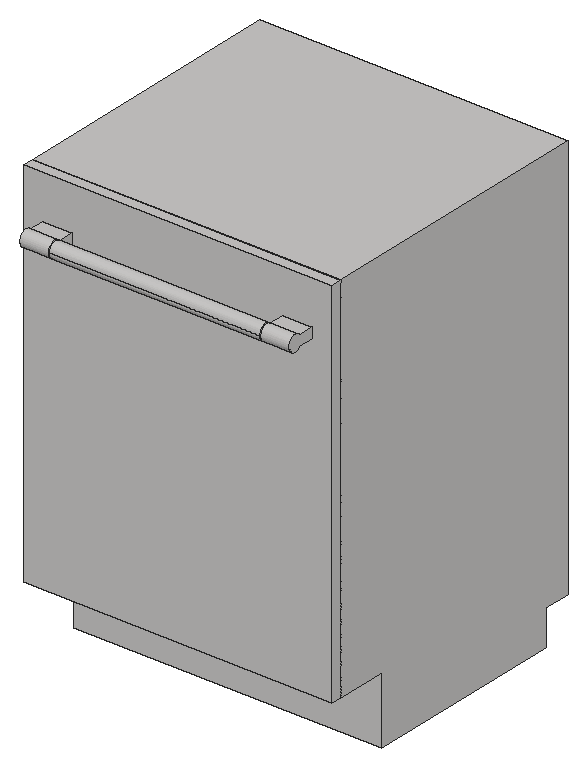
Revit family "DF250762", category Generic Models, Revit 2014
Parameters (values of type "DF250762")
  Width = 598 mm
  URL = "http://www.gaggenau.com."
  Model = "DF250762"
  Manufacturer = "Gaggenau"
  Height = 877 mm
  Handle = Metal Panel
  Fridge = Metal Panel
  Door = Metal Panel
  Description = "Gaggenau 200 Series dishwasher, Euro tub"
  Depth = 550 mm
Types (2, lengths in mm): name | Model | Height | Description
  DF250762 | "DF250762" | 877 | "Gaggenau 200 Series dishwasher, Euro tub"
  DF251762 | "DF251762" | 927 | "Gaggenau 200 Series dishwasher, tall tub"
Reference planes
  plane 1 "Center (Front/Back)": y = 0
  plane 2: z = 0
  plane 3 "Center (Left/Right)": x = 0
  plane 4: x = -299
  plane 5: x = 299
  plane 6: y = 266.012
  plane 7: y = -283.988
  plane 8: z = 877
  plane 9: y = -305.988
  plane 10: y = -183.988
  plane 11: z = 152
  plane 12: y = 213.012
  plane 13: z = 89
  plane 14: z = 20
Forms (mm)
  Extrusion 1, solid, material "Metal Panel" <- "Fridge"
    sketch origin (0, 0, 0) x (0, 1, 0) y (0, 0, 1)
      loop
        line (-283.988, 877) -> (-283.988, 152) -> (-183.988, 152) -> (-183.988, 20) -> (213.012, 20) -> (213.012, 89) -> (266.012, 89) -> (266.012, 877) -> (-283.988, 877)
    from -299 to 299
  Extrusion 2, solid, material "Metal Panel" <- "Door"
    sketch origin (0, 0, 0) x (1, 0, 0) y (0, 0, 1)
      loop
        line (-299, 877) -> (-299, 152) -> (299, 152) -> (299, 877) -> (-299, 877)
    from 305.988 to 283.988
  Extrusion 3, solid, material "Metal Panel" <- "Handle"
    sketch origin (0, 0, 0) x (0, 1, 0) y (0, 0, 1)
      loop
        line (-305.988, 792) -> (-335.988, 792)
        arc (-335.988, 792) -> (-362.168, 782) -> (-335.988, 772) r 15
        line (-335.988, 772) -> (-305.988, 772) -> (-305.988, 792)
    from -260.966 to -204.89
  Extrusion 4, solid, material "Metal Panel" <- "Handle"
    sketch origin (0, 0, 0) x (0, 1, 0) y (0, 0, -1)
      loop
        line (-305.988, -792) -> (-305.988, -772) -> (-335.988, -772)
        arc (-335.988, -772) -> (-362.168, -782) -> (-335.988, -792) r 15
        line (-335.988, -792) -> (-305.988, -792)
    from -260.966 to -204.89
  Extrusion 5, solid, material "Metal Panel" <- "Handle"
    sketch origin (0, 0, 0) x (0, 1, 0) y (0, 0, 1)
      loop
        circle (-347.168, 782) r 15
    from -204.89 to 204.89
Dimensions and locks
  "Width": plane 4 to plane 5
  "Depth": plane 6 to plane 7
  equal spacing: plane 4, plane 3 "Center (Left/Right)", plane 5
  plane 7 to plane 9 = 22 mm
  plane 10 to plane 7 = 100 mm
  "Height": plane 8 to level
  plane 11 to plane 2 = 152 mm
  plane 8 to plane 11 = 725 mm
  aligned and locked: level to plane 2
  aligned and locked: plane 4 to Extrusion 1
  aligned and locked: plane 5 to Extrusion 1
  aligned and locked: Extrusion 5 to Extrusion 3
  aligned and locked: Extrusion 5 to Extrusion 4
Automatic sketch dimensions
  Extrusion 1 sketch curve to plane 7 = 0 mm
  Extrusion 1 sketch curve to plane 10 = 0 mm
  Extrusion 1 sketch curve to plane 12 = 0 mm
  Extrusion 1 sketch curve to plane 6 = 0 mm
  Extrusion 1 sketch curve to plane 14 = 0 mm
  Extrusion 1 sketch curve to plane 13 = 0 mm
  Extrusion 1 sketch curve to plane 11 = 0 mm
  Extrusion 1 sketch curve to plane 8 = 0 mm
  plane 4 to Extrusion 2 sketch curve = 0 mm
  Extrusion 2 sketch curve to plane 5 = 0 mm
  Extrusion 2 sketch curve to plane 11 = 0 mm
  Extrusion 2 sketch curve to plane 8 = 0 mm
  Extrusion 4 sketch curve to plane 9 = 0 mm
  Extrusion 4 sketch curve to plane 9 = 30 mm
  Extrusion 4 sketch curve to Extrusion 4 sketch curve = 0 mm
  Extrusion 4 sketch curve to Extrusion 4 sketch curve = 11.18 mm
  Extrusion 4 sketch curve to plane 8 = 85 mm
  Extrusion 4 sketch curve to Extrusion 4 sketch curve = 10 mm
  Extrusion 3 sketch curve to plane 9 = 0 mm
  Extrusion 3 sketch curve to plane 9 = 30 mm
  Extrusion 3 sketch curve to Extrusion 3 sketch curve = 0 mm
  Extrusion 3 sketch curve to Extrusion 3 sketch curve = 11.18 mm
  Extrusion 3 sketch curve to plane 8 = 105 mm
  Extrusion 3 sketch curve to Extrusion 3 sketch curve = 10 mm
  Extrusion 5 sketch curve to plane 9 = 41.18 mm
  Extrusion 5 sketch curve to plane 8 = 95 mm
  radius of Extrusion 5 sketch curve = 15 mm
